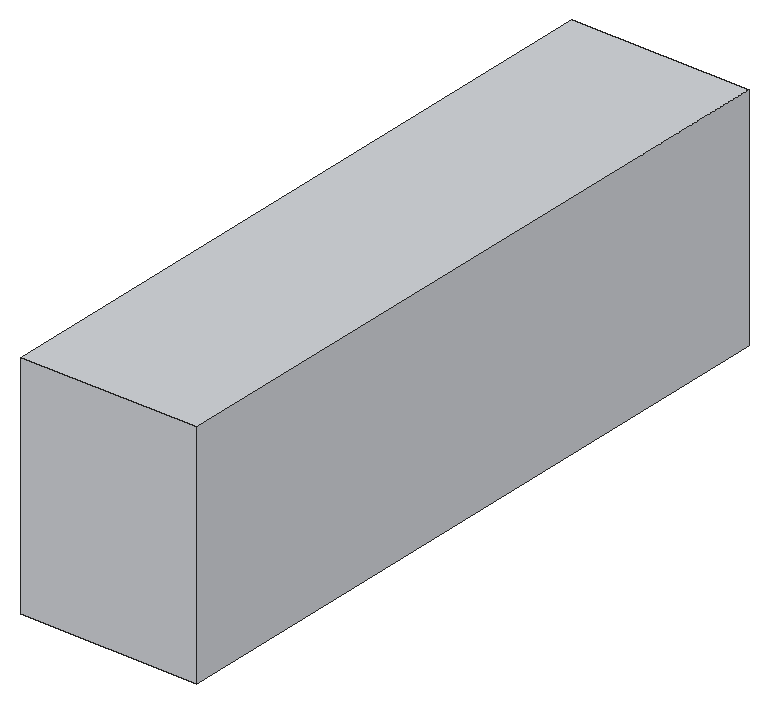
Revit family "b252c712481f48a8b39b4846b7c2d1e9", category Security Devices, host Face, Revit 2021
Family settings
  Host = Face
  Maintain Annotation Orientation = Yes
  Round Connector Dimension = Use Diameter
  Part Type = Normal
  OmniClass Number = 23.85.30.11.11
  OmniClass Title = Access Control and Counting Systems
  Seek Item ID = Electric Lock-0000-USA-ENU
  Cut with Voids When Loaded = No
  Shared = No
  Room Calculation Point = No
Parameters (values of type "Standard")
  Label = "DL"
  Default Elevation = 4' - 0"
  Width = 0' - 4 7/8"
  Material = none
  Length = 0' - 1 1/4"
  Height = 0' - 1 5/8"
Reference planes (in)
  plane 1 "Center (Front/Back)": y = 0
  plane 2: z = 0
  plane 3 "Center (Left/Right)": x = 0
  plane 4: y = -4.875
  plane 5: x = -0.625
  plane 6: x = 0.625
  plane 7: z = 1.625
Forms (in)
  Extrusion 1, solid, material <- "Material"
    sketch origin (0, 0, 0) x (1, 0, 0) y (0, 1, 0)
      loop
        line (-0.625, 0) -> (-0.625, -4.875) -> (0.625, -4.875) -> (0.625, 0) -> (-0.625, 0)
    from 0 to 1.625
Lines and regions (in)
  symbolic lines, detail levels fine
    curve 1: line (0.625, 0, 1.625) -> (-0.625, 0, 1.625)
    curve 2: line (-0.625, 0, 1.625) -> (-0.625, 0, 0)
    curve 3: line (0.625, 0, 0) -> (0.625, 0, 1.625)
    curve 4: line (0.625, 0, 0) -> (-0.625, 0, 0)
Dimensions and locks (in)
  equal spacing: plane 5, plane 3 "Center (Left/Right)", plane 6
  "Length": plane 5 to plane 6
  "Width": plane 1 "Center (Front/Back)" to plane 4
  "Height": plane 7 to plane 2
  aligned and locked: plane 2 to host face
  aligned and locked: level to host face
  aligned and locked: plane 5 to Extrusion 1 sketch curve
  aligned and locked: plane 1 "Center (Front/Back)" to Extrusion 1 sketch curve
  aligned and locked: plane 4 to Extrusion 1 sketch curve
  aligned and locked: Extrusion 1 sketch curve to plane 6
  aligned and locked: Extrusion 1 to plane 2
  aligned and locked: plane 7 to Extrusion 1
  aligned and locked: curve 1 to Extrusion 1
  aligned and locked: curve 2 to Extrusion 1
  aligned and locked: curve 3 to Extrusion 1
  aligned and locked: curve 4 to Extrusion 1
  aligned and locked: plane 1 "Center (Front/Back)" to nested 1
  aligned and locked: plane 3 "Center (Left/Right)" to nested 1
Automatic sketch dimensions
  host sketch curve to host sketch curve = 8' - 0"  (x2)
Nested families (in)
  nested 1: "Electric Lock Annotation" at (0, 0, 0), type "Electric Lock Annotation", detail levels coarse+medium
Connectors (in)
  electrical at (0, -2.4375, 0)
    settings: on Extrusion 1, index 1, voltage 0 V, apparent load 0 VA, apparent load phase1 0 VA, apparent load phase2 0 VA, apparent load phase3 0 VA, power factor 1, load classification "Other", number of poles 1, system type 10, power factor state 1, is connector primary yes, connector utility no, sub classification motor no, connector description ""
Definition of nested family "Electric Lock Annotation"
  Parameters
    Label Annotation = "DL"
  Reference planes (in)
    plane 1: y = 0
    plane 2: x = 0
  Lines and regions (in)
    reference lines
      curve 1: line (-0.39894, 0.1875, 0) -> (1.0709, 0.1875, 0)
      curve 2: line (-0.09375, 0.25988, 0) -> (-0.09375, -0.13095, 0)
      curve 3: line (0.09375, 0.29103, 0) -> (0.09375, -0.18193, 0)
    detail lines
      curve 4: line (-0.09375, 0.1875, 0) -> (0.09375, 0.1875, 0)
      curve 5: line (-0.09375, 0, 0) -> (-0.09375, 0.1875, 0)
      curve 6: line (0.09375, 0, 0) -> (-0.09375, 0, 0)
      curve 7: line (0.09375, 0.1875, 0) -> (0.09375, 0, 0)
  Text (in)
    label "DL" at (-0.08448, 0.0813, 0), shows "Label Annotation"
  Dimensions and locks (in)
    locked: plane 1 to curve 1 at 0.1875
    locked: curve 2 to plane 2 at 0.09375
    locked: plane 2 to curve 3 at 0.09375
    aligned and locked: curve 1 to curve 4
    aligned and locked: curve 3 to curve 7
    aligned and locked: curve 6 to plane 1
    aligned and locked: curve 5 to curve 2
